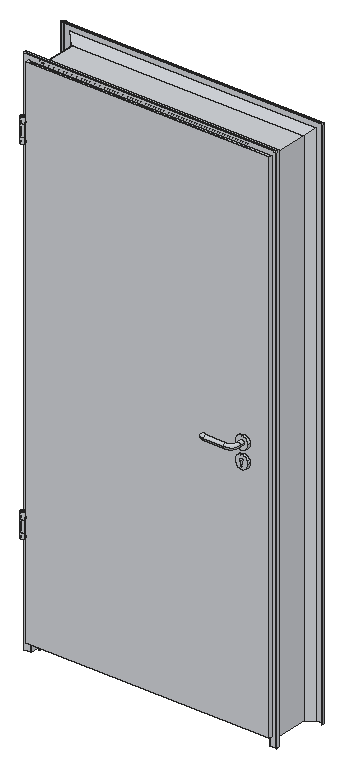
Revit family "BOS-Schrägleibungszarge-cUud-MW_Familie", category Türen, Revit 2017 (continued)
Definition of nested family "BOS-Band-VX_Modell"
  Automatic sketch dimensions
    Extrusion 7 sketch curve to Extrusion 7 sketch curve = 7.729 mm
    Extrusion 8 sketch curve to plane 1 = 0 mm
    plane 1 to Extrusion 8 sketch curve = 11.45 mm
    Extrusion 8 sketch curve to plane 3 = 11 mm
    Extrusion 8 sketch curve to plane 1 = 1.733 mm
    Extrusion 8 sketch curve to Extrusion 8 sketch curve = 1.151 mm
    Extrusion 8 sketch curve to Extrusion 8 sketch curve = 3.454 mm
    plane 1 to Extrusion 8 sketch curve = 7.193 mm
    Extrusion 8 sketch curve to Extrusion 8 sketch curve = 0.599 mm
    Extrusion 8 sketch curve to plane 1 = 1.214 mm
    Extrusion 8 sketch curve to Extrusion 8 sketch curve = 3.496 mm
    plane 1 to Extrusion 8 sketch curve = 4.667 mm
    Extrusion 8 sketch curve to Extrusion 8 sketch curve = 2.431 mm
    Extrusion 8 sketch curve to Extrusion 8 sketch curve = 0.001 mm
    Extrusion 8 sketch curve to Extrusion 8 sketch curve = 0.021 mm
    Extrusion 8 sketch curve to plane 1 = 0.017 mm
    Extrusion 8 sketch curve to Extrusion 8 sketch curve = 0.149 mm
    Extrusion 8 sketch curve to Extrusion 8 sketch curve = 2.05 mm
    Extrusion 9 sketch curve to Extrusion 9 sketch curve = 0 mm  (x6)
    Extrusion 9 sketch curve to curve 1 = 0 mm
    curve 1 to Extrusion 9 sketch curve = 0 mm
    Extrusion 9 sketch curve to curve 1 = 5.051 mm
    Extrusion 9 sketch curve to Extrusion 9 sketch curve = 4.091 mm
    Extrusion 9 sketch curve to curve 1 = 7.771 mm
    Extrusion 9 sketch curve to Extrusion 9 sketch curve = 2.203 mm
    Extrusion 9 sketch curve to Extrusion 9 sketch curve = 7.729 mm
    Extrusion 10 sketch curve to Extrusion 10 sketch curve = 0 mm  (x6)
    Extrusion 10 sketch curve to curve 1 = 0 mm
    curve 1 to Extrusion 10 sketch curve = 0 mm
    Extrusion 10 sketch curve to curve 1 = 5.051 mm
    Extrusion 10 sketch curve to Extrusion 10 sketch curve = 4.091 mm
    Extrusion 10 sketch curve to curve 1 = 7.771 mm
    Extrusion 10 sketch curve to Extrusion 10 sketch curve = 2.203 mm
    Extrusion 10 sketch curve to Extrusion 10 sketch curve = 7.729 mm
    Extrusion 11 sketch curve to Extrusion 11 sketch curve = 0 mm  (x3)
    plane 1 to Extrusion 11 sketch curve = 0 mm
    Extrusion 11 sketch curve to plane 3 = 0 mm
    Extrusion 11 sketch curve to plane 1 = 1.171 mm
    Extrusion 11 sketch curve to Extrusion 11 sketch curve = 6.421 mm
    plane 1 to Extrusion 11 sketch curve = 7.193 mm
    Extrusion 11 sketch curve to Extrusion 11 sketch curve = 0.526 mm
    Extrusion 11 sketch curve to Extrusion 11 sketch curve = 0.553 mm
    Extrusion 11 sketch curve to plane 1 = 0.901 mm
    plane 1 to Extrusion 11 sketch curve = 10.603 mm
    Extrusion 11 sketch curve to Extrusion 11 sketch curve = 3.5 mm
    Extrusion 11 sketch curve to Extrusion 11 sketch curve = 0.158 mm
    Extrusion 11 sketch curve to Extrusion 11 sketch curve = 1.739 mm
    plane 1 to Extrusion 11 sketch curve = 4.695 mm
    Extrusion 12 sketch curve to Extrusion 12 sketch curve = 0 mm  (x6)
    curve 1 to Extrusion 12 sketch curve = 0 mm  (x2)
    curve 1 to Extrusion 12 sketch curve = 46.34 mm
    Extrusion 12 sketch curve to Extrusion 12 sketch curve = 3.031 mm  (x2)
    Extrusion 12 sketch curve to Extrusion 12 sketch curve = 5.75 mm
    Extrusion 12 sketch curve to Extrusion 12 sketch curve = 1.346 mm
    Extrusion 12 sketch curve to Extrusion 12 sketch curve = 0.548 mm
    Extrusion 12 sketch curve to Extrusion 12 sketch curve = 1.017 mm
    Extrusion 12 sketch curve to Extrusion 12 sketch curve = 3.25 mm
    Extrusion 12 sketch curve to Extrusion 12 sketch curve = 1.75 mm
    Extrusion 13 sketch curve to Extrusion 13 sketch curve = 0 mm  (x6)
    curve 1 to Extrusion 13 sketch curve = 0 mm  (x2)
    curve 1 to Extrusion 13 sketch curve = 46.34 mm
    Extrusion 13 sketch curve to Extrusion 13 sketch curve = 3.031 mm  (x2)
    Extrusion 13 sketch curve to Extrusion 13 sketch curve = 5.75 mm
    Extrusion 13 sketch curve to Extrusion 13 sketch curve = 1.346 mm
    Extrusion 13 sketch curve to Extrusion 13 sketch curve = 0.548 mm
    Extrusion 13 sketch curve to Extrusion 13 sketch curve = 1.017 mm
    Extrusion 13 sketch curve to Extrusion 13 sketch curve = 3.25 mm
    Extrusion 13 sketch curve to Extrusion 13 sketch curve = 1.75 mm
    radius of Sweep 1 sketch curve = 6.5 mm
Definition of nested family "BOS-BOS_Modell"
  Parameters (values of type "BOS-BOS_Modell")
    Abstand = 22 mm
  Reference planes
    plane 1 "Mitte (Vorne/hinten)": y = 0
    plane 2: z = 0
    plane 3 "Mitte (Links/rechts)": x = 0
    plane 4 "BOS": x = -22
  Dimensions and locks
    "Abstand": plane 4 "BOS" to plane 3 "Mitte (Links/rechts)"
    aligned and locked: level to plane 2
    aligned and locked: plane 1 "Mitte (Vorne/hinten)" to text3d elem
    aligned and locked: text3d elem to level
Definition of nested family "BOS-Info-Texte_Beschriftung"
  Parameters (values of type "Drückerhöhe Warnung")
    Unten = yes
    Schwarz = yes
    Rot = no
    Oben = no
    Info-Text En unten = "Please take the handle depth/height and/or DIN opening direction into account!"
    Info-Text De unten = "Drückertiefen/-höhen und/oder DIN Richtungen beachten/anpassen!"
    Info-Text En oben = "Kein Text"
    Englisch unten rot = and(and(Unten, Englisch), Rot)  # no
    Englisch unten schwarz = and(and(Unten, Englisch), Schwarz)  # no
    Englisch oben rot = and(and(Oben, Englisch), Rot)  # no
    Englisch oben schwarz = and(and(Oben, Englisch), Schwarz)  # no
    Info-Text De oben = "Kein Text"
    Warndreieck = yes
    Fehlerkreis = no
    Englisch = no
    Deutsch unten rot = and(and(Unten, Deutsch), Rot)  # no
    Deutsch unten schwarz = and(and(Unten, Deutsch), Schwarz)  # yes
    Deutsch oben rot = and(and(Oben, Deutsch), Rot)  # no
    Deutsch oben schwarz = and(and(Oben, Deutsch), Schwarz)  # no
    Deutsch = not(Englisch)  # yes
    Ausrufezeichen = "!"
  Types (15, lengths in mm): name | Unten | Schwarz | Rot | Oben | Info-Text En unten | Info-Text De unten | Info-Text En oben | Info-Text De oben | Warndreieck | Fehlerkreis | Deutsch unten schwarz | Deutsch oben rot | Deutsch oben schwarz
    Rechtliche Hinweise | no | yes | no | yes | "Kein Text" | "Kein Text" | "In accordance with the protection note according to DIN 34, the ownership and copyrights are reserved!\r\n© 2016 BOS GmbH, Emsdetten, Germany -\r\nObserve the ISO 16016 protective label (see ID data)!\r\n\r\nSubject to technical change!" | "Entsprechend dem Schutzvermerk nach DIN 34 behalten wir uns Eigentum und Urheberrecht vor!\r\n© 2016 BOS GmbH, Emsdetten, Deutschland -\r\nSchutzvermerk ISO 16016 beachten (siehe ID-Daten)!\r\n\r\nTechnische Änderungen vorbehalten!" | no | no | no | no | yes
    Maulweite Fehlermeldung | no | yes | no | yes | "Kein Text" | "Kein Text" | "Check the wall thickness!" | "Wandstärke prüfen!" | no | yes | no | no | yes
    Verstellbereich | no | yes | no | yes | "Kein Text" | "Kein Text" | "Adjustment area from -5 to +15mm,\r\nother adjustment areas possible" | "Verstellbereich von -5 bis +15mm\r\nanderer Verstellbereich möglich" | no | no | no | no | yes
    Verstellbereich wSvdW | no | yes | no | yes | "Kein Text" | "Kein Text" | "Adjustment area in the soffit from -2 to +15mm,\r\nother adjustment areas possible" | "Verstellbereich in der Zargenleibung von -2 bis +15mm\r\nanderer Verstellbereich möglich" | no | no | no | no | yes
    Wandartauswahl 15Nz15Z | no | yes | no | yes | "Kein Text" | "Kein Text" | "Attention for stud walls: underlay from site required!\r\nFor DIN door leaves, select larger structural wall measurements.\r\nFor selection \"stud walls\":\r\nsee 'Features' (remove tick for brick walls)" | "Achtung bei Ständerwerk: bauseitige Unterfütterung erforderlich!\r\nBei DIN-Türblatt Rohbaumaße größer wählen.\r\nFür Auswahl \"Ständerwerk\": \r\nsiehe 'Eigenschaften' (Häkchen entfernen bei Mauerwerk)." | no | no | no | no | yes
    Technische Hinweise | no | yes | no | yes | "Kein Text" | "Kein Text" | "Due to manufacturing reasons this Revit family may not be changed\r\nwithout consulting BOS!\r\n\r\nDo not mirror frames (door list)!\r\nsee ‘Features’: DIN left / DIN right\r\n\r\nThe solid and stud walls or, for example, their profiles,\r\nmust be designed so that they can reliably and sustainably\r\nabsorb the static and dynamic forces resulting\r\nfrom the load on the door element used." | "Diese Revit-Familie darf aus fertigungstechnischen Gründen\r\nnicht ohne Rücksprache mit BOS abgeändert werden!\r\n\r\nZargen nicht spiegeln (Türliste)!\r\nsiehe 'Eigenschaften': DIN links / DIN rechts\r\n\r\nDie Massiv- und Ständerwerkswände bzw. deren Profile\r\nmüssen so ausgebildet sein, dass sie die statischen\r\nund dynamischen Kräfte, welche sich aus der Belastung\r\ndes verwendeten Türelements ergeben, zuverlässig\r\nund nachhaltig aufnehmen können." | no | no | no | no | yes
    Drückerhöhe Warnung | yes | yes | no | no | "Please take the handle depth/height and/or DIN opening direction into account!" | "Drückertiefen/-höhen und/oder DIN Richtungen beachten/anpassen!" | "Kein Text" | "Kein Text" | yes | no | yes | no | no
    Maulweite-Dehnungsfuge Fehlermeldung | no | yes | no | yes | "Kein Text" | "Kein Text" | "Check the wall thickness and/or expansion joint!" | "Wandstärke und/oder Dehnungsfuge prüfen!" | no | yes | no | no | yes
    Technische Hinweise Norm | no | yes | no | yes | "Kein Text" | "Kein Text" | "Due to manufacturing reasons this Revit family may not be changed\r\nwithout consulting BOS!\r\n\r\nThe solid and stud walls or, for example, their profiles,\r\nmust be designed so that they can reliably and sustainably\r\nabsorb the static and dynamic forces resulting\r\nfrom the load on the door element used." | "Diese Revit-Familie darf aus fertigungstechnischen Gründen\r\nnicht ohne Rücksprache mit BOS abgeändert werden!\r\n\r\nDie Massiv- und Ständerwerkswände bzw. deren Profile\r\nmüssen so ausgebildet sein, dass sie die statischen\r\nund dynamischen Kräfte, welche sich aus der Belastung\r\ndes verwendeten Türelements ergeben, zuverlässig\r\nund nachhaltig aufnehmen können." | no | no | no | no | yes
    Maßauswahl | no | no | yes | yes | "Kein Text" | "Kein Text" | "To choose  Rebate Width/Height Measurement, Receiving Opening\r\nsee 'Features'" | "Auswahl von FMB, FMH, MW\r\nunter 'Eigenschaften'" | no | no | no | yes | no
    Rohbaumaß Warnung (Spiegelbreiten) | no | yes | no | yes | "Kein Text" | "Kein Text" | "For DIN door leaves, select larger structural wall measurements!\r\nWhen changing the architrave widths, the structural measurements change accordingly." | "Bei DIN-Türblatt Rohbaumaße größer wählen!\r\nBei Änderung der Spiegelbreiten, Rohbaumaße beachten." | no | no | no | no | yes
    Drehpunkt Warnung | no | yes | no | yes | "Kein Text" | "Kein Text" | "The actual pivot point of the door leaf\r\nmay differ from the one illustrated!" | "Der tatsächliche Drehpunkt des Türblattes\r\nkann von der Darstellung abweichen!" | no | no | no | no | yes
    Türblattgewicht Hinweis | no | yes | no | yes | "Kein Text" | "Kein Text" | "Attention! Take door leaf weight into account!\r\nSee Webseite" | "Achtung! Türblattgewicht beachten!\r\nSiehe Webseite" | no | no | no | no | yes
    Pendeltürbänder Hinweis | no | yes | no | yes | "Kein Text" | "Kein Text" | "Please observe the instructions for the double action spring hinges\r\ngiven by the door hinge manufacturer Frivado\r\nregarding door leaf width, height and thickness!" | "Die Angaben zu den Pendeltürbändern\r\ndes Herstellers Fridavo beachten: zu \r\nTürblattbreite, -höhe, -dicke und -gewicht!" | no | no | no | no | yes
    Rohbaumaß Warnung | no | yes | no | yes | "Kein Text" | "Kein Text" | "For DIN door leaves, select larger structural wall measurements!" | "Bei DIN-Türblatt Rohbaumaße größer wählen!" | no | no | no | no | yes
  Reference planes
    plane 1: y = 0.955
    plane 2: x = 0
  Lines and regions (mm)
    Filled region 1, type "Gefüllter Bereich Gelb", visible <- "Warndreieck"
      outline origin (-7.188, 1.747, 0) x (1, 0, 0) y (0, 1, 0)
        loop
          line (5.951, -3.033) -> (8.413, -3.033) -> (7.182, -0.9) -> (5.951, -3.033)
    Filled region 2, type "Gefüllter Bereich Rot", visible <- "Fehlerkreis"
      outline origin (0, -3.763, 0) x (1, 0, 0) y (0, 1, 0)
        loop
          circle (0, 3.1) r 1.5
        loop
          line (-0.937, 3.486) -> (-0.937, 2.686) -> (1.023, 2.686) -> (1.023, 3.486) -> (-0.937, 3.486)
    Filled region 3, type "Gefüllter Bereich Weiss", visible <- "Fehlerkreis"
      outline origin (-7.014, -2.062, 0) x (1, 0, 0) y (0, 1, 0)
        loop
          line (6.077, 1.785) -> (6.077, 0.985) -> (8.038, 0.985) -> (8.038, 1.785) -> (6.077, 1.785)
  Text (mm)
    label "Info-Text De oben schwarz" at (0.065, 1.415, 0), shows "Info-Text De oben", visible <- "Deutsch oben schwarz"
    label "!" at (0.065, -0.414, 0), shows "Ausrufezeichen", visible <- "Warndreieck"
    label "Info-Text En oben schwarz" at (0.065, 1.415, 0), shows "Info-Text En oben", visible <- "Englisch oben schwarz"
    label "Info-Text De unten schwarz" at (0.218, -2.468, 0), shows "Info-Text De unten", visible <- "Deutsch unten schwarz"
    label "Info-Text En unten schwarz" at (0.065, -2.419, 0), shows "Info-Text En unten", visible <- "Englisch unten schwarz"
    label "Info-Text En oben rot" at (0.065, 1.415, 0), shows "Info-Text En oben", visible <- "Englisch oben rot"
    label "Info-Text En unten rot" at (0.065, -2.419, 0), shows "Info-Text En unten", visible <- "Englisch unten rot"
    label "Info-Text De unten rot" at (0.065, -2.419, 0), shows "Info-Text De unten", visible <- "Deutsch unten rot"
    label "Info-Text De oben rot" at (-0.371, 1.396, 0), shows "Info-Text De oben", visible <- "Deutsch oben rot"
Definition of nested family "BOS-loser-Propelleranker_Detail"
  Parameters (values of type "BOS-loser-Propelleranker_Detail")
    URL = "www.BestOfSteel.de"
    Rechtliche Hinweise = "www.BestOfSteel.de/tools-downloads/bim-building-information-modeling/"
    Model = ""
    MW Maulweite = 200 mm
    Manufacturer = "BOS GmbH Best Of Steel, Lütkenfelde 4, D-48282 Emsdetten"
    Einfügepunkt = 37 mm
    Bügelankerlänge vorne = 0.4 * MW Maulweite  # 80 mm
    Bügelankerlänge hinten = 0.4 * MW Maulweite  # 80 mm
    Description = "loser Propelleranker"
    Keynote = "BOS Detail"
    BOS-Architekten-Beratung = "Tel.: +49 (0) 2572 203-203; E-Mail: architekten@BestOfSteel.de"
    Technische Infos rund um die Stahlzarge = "www.BestOfSteel.de/tools-downloads/technische-infos-rund-um-die-stahlzarge/"
    Ankerstärke = 1.5 mm
    Abbiegung vorne = 15 mm
    Abbiegung hinten = 15 mm
  Reference planes
    plane 1: y = 0
    plane 2: z = 0
    plane 3: x = 0
    plane 4: y = 170
    plane 5: x = 5
    plane 6: y = 185
    plane 7: y = -15
    plane 8: x = -50
    plane 9: y = 85
    plane 10: y = 165
    plane 11: y = 5
    plane 12: x = 20
    plane 13: x = 37
    plane 14: x = 20
  Lines and regions (mm)
    detail lines, in view "Ref.-Ebene"
      curve 1: line (-50, 0, 0) -> (5, 0, 0)
      curve 2: line (5, 0, 0) -> (5, 170, 0)
      curve 3: line (5, 170, 0) -> (-50, 170, 0)
      curve 4: line (0, 170, 0) -> (0, 0, 0)
      curve 5: line (5, 85, 0) -> (20, 165, 0)
      curve 6: line (20, 165, 0) -> (21.474, 164.724, 0)
      curve 7: line (21.474, 164.724, 0) -> (6.526, 85, 0)
      curve 8: line (5, 85, 0) -> (20, 5, 0)
      curve 9: line (20, 5, 0) -> (21.474, 5.276, 0)
      curve 10: line (21.474, 5.276, 0) -> (6.526, 85, 0)
  Dimensions and locks
    plane 4 to plane 6 = 15 mm
    plane 7 to plane 1 = 15 mm
    "MW Maulweite": plane 7 to plane 6
    plane 8 to plane 3 = 50 mm
    plane 3 to plane 5 = 5 mm
    "Einfügepunkt": plane 3 to plane 13
    equal spacing: plane 7, plane 9, plane 6
    "Bügelankerlänge vorne": plane 11 to plane 9
    "Bügelankerlänge hinten": plane 9 to plane 10
    "Abbiegung vorne": plane 5 to plane 12
    "Abbiegung hinten": plane 5 to plane 14
    "Ankerstärke": curve 7 to curve 5
    "Ankerstärke": curve 8 to curve 10
  Automatic sketch dimensions
    plane 1 to curve 1 = 0 mm
    curve 1 to plane 8 = 0 mm
    curve 3 to plane 4 = 0 mm
    curve 3 to plane 8 = 0 mm
    curve 4 to plane 3 = 0 mm
    curve 1 to plane 5 = 0 mm
    plane 9 to curve 10 = 0 mm
    curve 9 to plane 11 = 0 mm
    curve 9 to plane 12 = 0 mm
    curve 5 to plane 10 = 0 mm
    curve 5 to plane 12 = 0 mm
Definition of nested family "BOS-Logo_Modell"
  Parameters (values of type "BOS-Logo_Modell")
    URL = "www.BestOfSteel.de"
    Rechtliche Hinweise = "www.BestOfSteel.de/tools-downloads/bim-building-information-modeling/"
    Description = "BOS Logo"
    Keynote = "BOS Logo"
    BOS-Architekten-Beratung = "Tel.: +49 (0) 2572 203-203; E-Mail: architekten@BestOfSteel.de"
    Technische Infos rund um die Stahlzarge = "www.BestOfSteel.de/tools-downloads/technische-infos-rund-um-die-stahlzarge/"
    Abstand vertikal = 10 mm
    Abstand horizontal = 15 mm
  Reference planes
    plane 1: y = 0
    plane 2: z = 0
    plane 3: x = 0
    plane 4: x = -7
    plane 5: x = 7
    plane 6: y = 8.299
    plane 7: x = 15
    plane 8: y = 4.15
    plane 9: x = -15
    plane 10: y = 14.15
    plane 11: y = -5.85
  Dimensions and locks
    plane 4 to plane 3 to plane 5 = 7 mm, 7 mm
    "Abstand vertikal": plane 11 to plane 8 to plane 10
    plane 6 to plane 8 to plane 1 = 4.15 mm, 4.15 mm
    "Abstand horizontal": plane 9 to plane 3
    "Abstand horizontal": plane 3 to plane 7
    aligned and locked: level to plane 2
Types (4, lengths in mm): name | Schrägetiefe max. | Schrägetiefe   Slanting soffit depth | Schrägetiefe | Schrägebreite max. | Schrägebreite   Slanting soffit width | Schrägebreite | MW min. (Formel) | GT min. | Türblattversatz vertikal | Türblattversatz  horizontal | Türblattabstand 1 | Stumpf | LDH Lichte Durchgangs Höhe   Clearance Height | LDB Lichte Durchgangs Breite   Clearance Width | Gefälzt | Türblattstärke 3 | Türblattstärke 2 | Türblattstärke 1 | Türblattstärke | MW min. | Falztiefe gesamt | Falztiefe | Falzaufschlag gesamt | Doppelfalz | Einfachfalz | Dichtungsversatz vertikal 2 | Dichtungsversatz vertikal 1 | Dichtung 2 | Drehpunktposition vertikal | Drehpunktposition horizontal | Drehpunktabstand (FM) horizontal | Drehpunktabstand (SP) vertikal | Bänder - Auswahl | cUsFd | cUuFd | Modell | cUud | cUsd | Beschreibung
  cUud | 28.5 | 28.5 | 28.5 | 30 | 30 | 30 | 64 | 100 | -3.5 | 11.5 | 1.5 | no | 2093 | 936 | yes | 0 | 25.5 | 14.5 | 40 | 80 | 28.5 | 28.5 | 15 | no | yes | 53.5 | 28.5 | no | 122.5 | 1524 | 21 | 12.5 | "3D Bänder gefälzt, Bandaufnahmen BVX11000" | no | no | "cUud" | yes | no | "Schrägleibungszarge als Umfassungsprofil für Mauerwerk, gefälzt"
  cUuFd | 53.5 | 28.5 | 28.5 | 45 | 45 | 45 | 89 | 120 | -3.5 | 11.5 | 1.5 | no | 2078 | 906 | yes | 25 | 25.5 | 14.5 | 65 | 100 | 53.5 | 28.5 | 30 | yes | no | 53.5 | 28.5 | yes | 122.5 | 1524 | 21 | 12.5 | "3D Bänder gefälzt, Bandaufnahmen BVX11000" | no | yes | "cUuFd" | no | no | "Schrägleibungszarge als Umfassungsprofil für Mauerwerk, gefälzt, mit Doppelfalz"
  cUsd | 46.5 | 46.5 | 46.5 | 30 | 30 | 30 | 100 | 120 | 15.5 | 6 | -2 | yes | 2093 | 936 | no | 0 | 40 | 0 | 40 | 100 | 46.5 | 46.5 | 15 | no | yes | 71.5 | 46.5 | no | 123.5 | 1505.5 | 2.5 | 13.5 | "3D Bänder stumpf, Bandaufnahmen BVX11000" | no | no | "cUsd" | no | yes | "Schrägleibungszarge als Umfassungsprofil für Mauerwerk, stumpf"
  cUsFd | 71.5 | 46.5 | 46.5 | 45 | 45 | 45 | 125 | 150 | 15.5 | 6 | -2 | yes | 2078 | 906 | no | 25 | 40 | 0 | 65 | 130 | 71.5 | 46.5 | 30 | yes | no | 71.5 | 46.5 | yes | 123.5 | 1505.5 | 2.5 | 13.5 | "3D Bänder stumpf, Bandaufnahmen BVX11000" | yes | no | "cUsFd" | no | no | "Schrägleibungszarge als Umfassungsprofil für Mauerwerk, stumpf, mit Doppelfalz"
